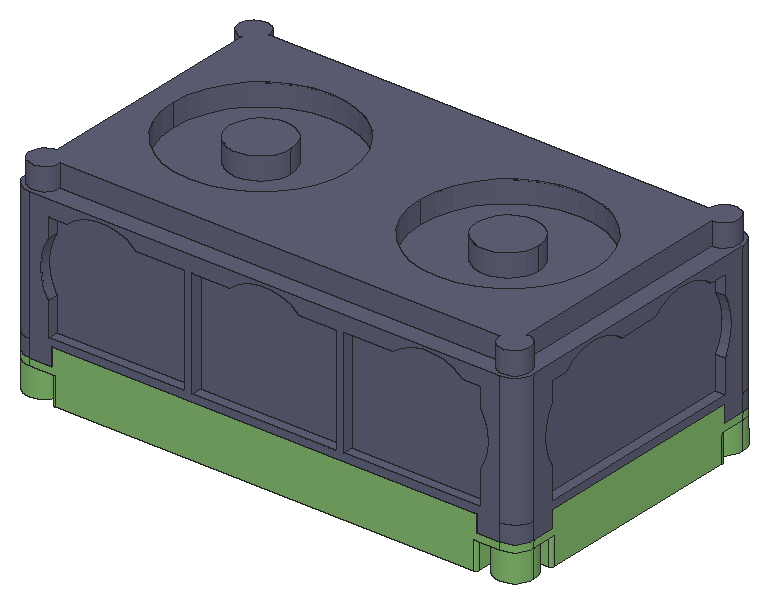
Revit family "E_Cable Junction Box_F_MEPcontent_Spelsberg_BS 2_INT-EN", category Electrical Fixtures, host Face, Revit 2017
Family settings
  Host = Face
  Maintain Annotation Orientation = Yes
  Round Connector Dimension = Use Diameter
  Part Type = Junction Box
  OmniClass Number = 23.80.30.14.24
  OmniClass Title = Junction Boxes
  Cut with Voids When Loaded = No
  Shared = No
  Room Calculation Point = No
Parameters (values of type "BS 2")
  Width = 86.000 mm
  Voltage = 230 V  # constant formula
  URL = ""
  Rotation W-Axis Total [instance] = [Rotation W-Axis Correction] + [Rotation W-Axis]  # 0.00°
  Rotation W-Axis Default Correction = 0.00°
  Rotation W-Axis Correction = 0.00°
  Rotation W-Axis [instance] = 0.00°
  Rotation V-Axis Total [instance] = [Rotation V-Axis Correction] + [Rotation V-Axis]  # 0.00°
  Rotation V-Axis Default Correction = 0.00°
  Rotation V-Axis Correction = 0.00°
  Rotation V-Axis [instance] = 0.00°
  Rotation U-Axis Total [instance] = [Rotation U-Axis Correction] + [Rotation U-Axis]  # 0.00°
  Rotation U-Axis Default Correction = 0.00°
  Rotation U-Axis Correction = 0.00°
  Rotation U-Axis [instance] = 0.00°
  Revit Version = "2017"  # constant formula
  Product Line = "Spelsberg"  # constant formula
  Power [instance] = 0 VA
  Placeholder Height = 59.100 mm
  Model = "BS 2"
  Manufacturer URL = "http://www.spelsberg.com/p/97400201"
  Manufacturer Art. No. = "97400201"
  Manufacturer = "Spelsberg"  # constant formula
  Length = 146.000 mm
  IFCExportType = "NOTDEFINED"  # constant formula
  IFCExportAs = "IfcJunctionBox"  # constant formula
  Height = 59.100 mm
  Green = Color RAL 6018
  ETIM Article Class = "EC002601"  # constant formula
  Description = "Equipment installation box BS 2"  # constant formula
  Default Elevation = 0.000 mm
  Cable Opening Diameter [instance] = 32.000 mm
  Cap Offset [instance] = 0.000 mm
  Blue = Color RAL 5013
  Article Type = "BS 2"
  Article Description = "Equipment installation box BS 2"  # constant formula
  3D Representation = 3DGeometry : 3DGeometry
Reference planes
  plane 1 "Center (Front/Back)": y = 0
  plane 2: z = 0
  plane 3 "Center (Left/Right)": x = 0
  plane 4: z = 24.5
  plane 5: x = -16
  plane 6: x = 16
  plane 7: y = 16
  plane 8: y = -16
  plane 9: y = -40
  plane 10: y = 40
  plane 11: x = -40
  plane 12: x = 40
Dimensions and locks
  locked: plane 4 to plane 2 at 24.5
  locked: plane 3 "Center (Left/Right)" to plane 5 at 16
  locked: plane 6 to plane 3 "Center (Left/Right)" at 16
  locked: plane 7 to plane 1 "Center (Front/Back)" at 16
  locked: plane 1 "Center (Front/Back)" to plane 8 at 16
  equal spacing: plane 11, plane 3 "Center (Left/Right)", plane 12
  equal spacing: plane 10, plane 1 "Center (Front/Back)", plane 9
  aligned and locked: plane 2 to host face
  aligned and locked: level to host face
Automatic sketch dimensions
  host sketch curve to host sketch curve = 2438.400 mm  (x2)
Nested families
  nested 1: "GeometryPlaceholder" at (0, 0, 0) x (1, 0, 0) z (0, 0, -1), Rotation v-axis <- "Rotation V-Axis Total", Rotation w-axis <- "Rotation W-Axis Total", Rotation u-axis <- "Rotation U-Axis Total", Height <- "Placeholder Height", type "GeometryPlaceholder", not visible
    with Width 10.000 mm, Rotation w-axis 0.00°, Rotation v-axis 0.00°, Rotation u-axis 0.00°, ModelBaseAngle 0.00°, Length 10.000 mm, Height 59.100 mm
  nested 2: "3DGeometry" at (0, 0, 0) x (1, 0, 0) z (0, 0, -1), Cap Offset <- "Cap Offset", type <- "3D Representation", type "3DGeometry"
    with Cap Offset Safe 0.000 mm, Cap Offset 0.000 mm, Cable Opening Diameter 32.000 mm
Connectors
  cabletrayconduit at (-46, -40, -24.5), diameter 32, driven by "Cable Opening Diameter"
    settings: on nested 2, index 1, connector width 300.000 mm, connector height 300.000 mm, connector angle 0.00°, system type 32, placement type 0, profile type 0, connector reference index -1, is primary connector yes, connector utility param no, connector description "Conduit Individual Connector1"
  cabletrayconduit at (0, -40, -24.5), diameter 32, driven by "Cable Opening Diameter"
    settings: on nested 2, index 2, connector width 300.000 mm, connector height 300.000 mm, connector angle 0.00°, system type 32, placement type 0, profile type 0, connector reference index -1, is primary connector no, connector utility param no, connector description "Conduit Individual Connector2"
  cabletrayconduit at (46, -40, -24.5), diameter 32, driven by "Cable Opening Diameter"
    settings: on nested 2, index 3, connector width 300.000 mm, connector height 300.000 mm, connector angle 0.00°, system type 32, placement type 0, profile type 0, connector reference index -1, is primary connector no, connector utility param no, connector description "Conduit Individual Connector3"
  cabletrayconduit at (70, -16, -24.5), diameter 32, driven by "Cable Opening Diameter"
    settings: on nested 2, index 4, connector width 300.000 mm, connector height 300.000 mm, connector angle 0.00°, system type 32, placement type 0, profile type 0, connector reference index -1, is primary connector no, connector utility param no, connector description "Conduit Individual Connector4"
  cabletrayconduit at (70, 16, -24.5), diameter 32, driven by "Cable Opening Diameter"
    settings: on nested 2, index 5, connector width 300.000 mm, connector height 300.000 mm, connector angle 0.00°, system type 32, placement type 0, profile type 0, connector reference index -1, is primary connector no, connector utility param no, connector description "Conduit Individual Connector5"
  cabletrayconduit at (46, 40, -24.5), diameter 32, driven by "Cable Opening Diameter"
    settings: on nested 2, index 6, connector width 300.000 mm, connector height 300.000 mm, connector angle 0.00°, system type 32, placement type 0, profile type 0, connector reference index -1, is primary connector no, connector utility param no, connector description "Conduit Individual Connector6"
  cabletrayconduit at (0, 40, -24.5), diameter 32, driven by "Cable Opening Diameter"
    settings: on nested 2, index 7, connector width 300.000 mm, connector height 300.000 mm, connector angle 0.00°, system type 32, placement type 0, profile type 0, connector reference index -1, is primary connector no, connector utility param no, connector description "Conduit Individual Connector7"
  cabletrayconduit at (-46, 40, -24.5), diameter 32, driven by "Cable Opening Diameter"
    settings: on nested 2, index 8, connector width 300.000 mm, connector height 300.000 mm, connector angle 0.00°, system type 32, placement type 0, profile type 0, connector reference index -1, is primary connector no, connector utility param no, connector description "Conduit Individual Connector8"
  cabletrayconduit at (-70, 16, -24.5), diameter 32, driven by "Cable Opening Diameter"
    settings: on nested 2, index 9, connector width 300.000 mm, connector height 300.000 mm, connector angle 0.00°, system type 32, placement type 0, profile type 0, connector reference index -1, is primary connector no, connector utility param no, connector description "Conduit Individual Connector9"
  cabletrayconduit at (-70, -16, -24.5), diameter 32, driven by "Cable Opening Diameter"
    settings: on nested 2, index 10, connector width 300.000 mm, connector height 300.000 mm, connector angle 0.00°, system type 32, placement type 0, profile type 0, connector reference index -1, is primary connector no, connector utility param no, connector description "Conduit Individual Connector10"
Definition of nested family "3DGeometry"
  Parameters (values of type "3DGeometry")
    Width = 86.000 mm
    Length = 146.000 mm
    Height = 59.100 mm
    Cap Offset Safe [instance] = if(Cap Offset < 0.000 mm, 0.000 mm, Cap Offset)  # 25.000 mm
    Cap Offset [instance] = 25.000 mm
    Blue = none
    Type Comments = "﻿﻿ ﻿ ﻿﻿﻿﻿﻿﻿             ﻿     ﻿                ﻿  ﻿  ﻿​     ​​  ​​   ​​   ﻿﻿     ​      ​​  ​​      ﻿    ﻿﻿        ﻿ ﻿          ﻿﻿"
    Keynote = "﻿﻿ ﻿ ﻿﻿﻿﻿﻿﻿             ﻿     ﻿                ﻿  ﻿  ﻿​     ​​  ​​   ​​   ﻿﻿     ​      ​​  ​​      ﻿    ﻿﻿        ﻿ ﻿          ﻿﻿"
    Green = none
    Cable Opening Diameter [instance] = 32.000 mm
    Description = "﻿﻿ ﻿ ﻿﻿﻿﻿﻿﻿             ﻿     ﻿                ﻿  ﻿  ﻿​     ​​  ​​   ​​   ﻿﻿     ​      ​​  ​​      ﻿    ﻿﻿        ﻿ ﻿          ﻿﻿"
    Default Elevation = 0.000 mm
    Assembly Code = "﻿﻿ ﻿ ﻿﻿﻿﻿﻿﻿             ﻿     ﻿                ﻿  ﻿  ﻿​     ​​  ​​   ​​   ﻿﻿     ​      ​​  ​​      ﻿    ﻿﻿        ﻿ ﻿          ﻿﻿"
  Reference planes
    plane 1 "Center (Front/Back)": y = 0
    plane 2: z = 0
    plane 3 "Center (Left/Right)": x = 0
    plane 4 "width back": y = 43
    plane 5 "width front": y = -43
    plane 6: z = 59.1
    plane 7 "connectors": z = 24.5
    plane 8 "lid": z = 69.1
    plane 9 "top box": z = 74.1
    plane 10: y = 16
    plane 11: y = -16
    plane 12: z = 76.1
    plane 13 "length left": x = -73
    plane 14 "length right": x = 73
    plane 15: x = -46
    plane 16: x = 46
    plane 17 "offset": z = 84.1
    plane 18 "fixed": z = 44.1
    plane 19: z = 49.1
    plane 20: z = 51.1
  Forms (mm)
    Extrusion 1, solid
      sketch origin (0, 0, 0) x (1, 0, 0) y (0, 1, 0)
        loop
          line (-1219.2, 1219.2) -> (-1219.2, -1219.2) -> (1219.2, -1219.2) -> (1219.2, 1219.2) -> (-1219.2, 1219.2)
      from 0 to -304.8
    Extrusion 2, solid, material <- "Blue", detail levels fine
      sketch origin (0, 0, 0) x (1, 0, 0) y (0, 1, 0)
        loop
          arc (-67.5, 43) -> (-71.389, 41.389) -> (-73, 37.5) r 5.5
          line (-73, 37.5) -> (-73, -37.5)
          arc (-73, -37.5) -> (-71.389, -41.389) -> (-67.5, -43) r 5.5
          line (-67.5, -43) -> (67.5, -43)
          arc (67.5, -43) -> (71.389, -41.389) -> (73, -37.5) r 5.5
          line (73, -37.5) -> (73, 37.5)
          arc (73, 37.5) -> (71.389, 41.389) -> (67.5, 43) r 5.5
          line (67.5, 43) -> (-67.5, 43)
      from 0 to 44.1
    Extrusion 3, void
      sketch origin (0, 0, 0) x (1, 0, 0) y (0, 0, 1)
        loop
          line (-62, 42) -> (-62, 32.5)
          arc (-62, 32.5) -> (-64.311, 24.5) -> (-62, 16.5) r 15
          line (-62, 16.5) -> (-62, 10.82) -> (-56.811, 10.82)
          arc (-56.811, 10.82) -> (-46.811, 7) -> (-36.811, 10.82) r 15
          line (-36.811, 10.82) -> (-22.75, 10.82) -> (-22.75, 42) -> (-62, 42)
        loop
          arc (36.811, 10.82) -> (46.811, 7) -> (56.811, 10.82) r 15
          line (56.811, 10.82) -> (62, 10.82) -> (62, 16.5)
          arc (62, 16.5) -> (64.311, 24.5) -> (62, 32.5) r 15
          line (62, 32.5) -> (62, 42) -> (22.75, 42) -> (22.75, 10.82) -> (36.811, 10.82)
        loop
          line (-20.75, 42) -> (-20.75, 10.82) -> (-10, 10.82)
          arc (-10, 10.82) -> (0, 7) -> (10, 10.82) r 15
          line (10, 10.82) -> (20.75, 10.82) -> (20.75, 42) -> (-20.75, 42)
      from 40 to 43
    Extrusion 4, void
      sketch origin (0, 0, 0) x (1, 0, 0) y (0, 0, -1)
        loop
          line (-62, -42) -> (-22.75, -42) -> (-22.75, -10.82) -> (-36.811, -10.82)
          arc (-36.811, -10.82) -> (-46.811, -7) -> (-56.811, -10.82) r 15
          line (-56.811, -10.82) -> (-62, -10.82) -> (-62, -16.5)
          arc (-62, -16.5) -> (-64.311, -24.5) -> (-62, -32.5) r 15
          line (-62, -32.5) -> (-62, -42)
        loop
          line (36.811, -10.82) -> (22.75, -10.82) -> (22.75, -42) -> (62, -42) -> (62, -32.5)
          arc (62, -32.5) -> (64.311, -24.5) -> (62, -16.5) r 15
          line (62, -16.5) -> (62, -10.82) -> (56.811, -10.82)
          arc (56.811, -10.82) -> (46.811, -7) -> (36.811, -10.82) r 15
        loop
          line (-20.75, -42) -> (20.75, -42) -> (20.75, -10.82) -> (10, -10.82)
          arc (10, -10.82) -> (0, -7) -> (-10, -10.82) r 15
          line (-10, -10.82) -> (-20.75, -10.82) -> (-20.75, -42)
      from 40 to 43
    Extrusion 5, void
      sketch origin (0, 0, 0) x (0, 1, 0) y (0, 0, 1)
        loop
          line (31.189, 42) -> (-31.189, 42) -> (-31.189, 32.5)
          arc (-31.189, 32.5) -> (-33.5, 24.5) -> (-31.189, 16.5) r 15
          line (-31.189, 16.5) -> (-31.189, 10.82) -> (-26, 10.82)
          arc (-26, 10.82) -> (-16, 7) -> (-6, 10.82) r 15
          line (-6, 10.82) -> (6, 10.82)
          arc (6, 10.82) -> (16, 7) -> (26, 10.82) r 15
          line (26, 10.82) -> (31.189, 10.82) -> (31.189, 16.5)
          arc (31.189, 16.5) -> (33.5, 24.5) -> (31.189, 32.5) r 15
          line (31.189, 32.5) -> (31.189, 42)
      from 70 to 73
    Extrusion 6, void
      sketch origin (0, 0, 0) x (0, 1, 0) y (0, 0, -1)
        loop
          line (31.189, -42) -> (31.189, -32.5)
          arc (31.189, -32.5) -> (33.5, -24.5) -> (31.189, -16.5) r 15
          line (31.189, -16.5) -> (31.189, -10.82) -> (26, -10.82)
          arc (26, -10.82) -> (16, -7) -> (6, -10.82) r 15
          line (6, -10.82) -> (-6, -10.82)
          arc (-6, -10.82) -> (-16, -7) -> (-26, -10.82) r 15
          line (-26, -10.82) -> (-31.189, -10.82) -> (-31.189, -16.5)
          arc (-31.189, -16.5) -> (-33.5, -24.5) -> (-31.189, -32.5) r 15
          line (-31.189, -32.5) -> (-31.189, -42) -> (31.189, -42)
      from 70 to 73
    Extrusion 7, solid, material <- "Green", detail levels fine
      sketch origin (0, 0, 0) x (1, 0, 0) y (0, 1, 0)
        loop
          arc (-67.5, 43) -> (-71.389, 41.389) -> (-73, 37.5) r 5.5
          line (-73, 37.5) -> (-73, -37.5)
          arc (-73, -37.5) -> (-71.389, -41.389) -> (-67.5, -43) r 5.5
          line (-67.5, -43) -> (67.5, -43)
          arc (67.5, -43) -> (71.389, -41.389) -> (73, -37.5) r 5.5
          line (73, -37.5) -> (73, 37.5)
          arc (73, 37.5) -> (71.389, 41.389) -> (67.5, 43) r 5.5
          line (67.5, 43) -> (-67.5, 43)
      from 69.1 to 76.1
    Extrusion 8, void
      sketch origin (0, 0, 0) x (1, 0, 0) y (0, 1, 0)
        loop
          line (-63.25, -37.5) -> (63.25, -37.5)
          arc (63.25, -37.5) -> (70.505, -40.505) -> (67.5, -33.25) r 4.25
          line (67.5, -33.25) -> (67.5, 33.25)
          arc (67.5, 33.25) -> (70.505, 40.505) -> (63.25, 37.5) r 4.25
          line (63.25, 37.5) -> (-63.25, 37.5)
          arc (-63.25, 37.5) -> (-70.505, 40.505) -> (-67.5, 33.25) r 4.25
          line (-67.5, 33.25) -> (-67.5, -33.25)
          arc (-67.5, -33.25) -> (-70.505, -40.505) -> (-63.25, -37.5) r 4.25
        loop
          line (-78, 48) -> (-78, -48) -> (78, -48) -> (78, 48) -> (-78, 48)
        loop
          circle (-35.5, 0) r 25.25
        loop
          circle (-35.5, 0) r 8.75
        loop
          circle (35.5, 0) r 25.25
        loop
          circle (35.5, 0) r 8.75
      from 0 to 6.372
    Extrusion 9, void
      sketch origin (0, 0, 0) x (1, 0, 0) y (0, 1, 0)
        loop
          line (-76, 46) -> (-76, 31) -> (-66, 31)
          arc (-66, 31) -> (-62.464, 32.464) -> (-61, 36) r 5
          line (-61, 36) -> (-61, 46) -> (-76, 46)
        loop
          line (76, 46) -> (61, 46) -> (61, 36)
          arc (61, 36) -> (62.464, 32.464) -> (66, 31) r 5
          line (66, 31) -> (76, 31) -> (76, 46)
        loop
          line (-76, -46) -> (-61, -46) -> (-61, -36)
          arc (-61, -36) -> (-62.464, -32.464) -> (-66, -31) r 5
          line (-66, -31) -> (-76, -31) -> (-76, -46)
        loop
          line (76, -46) -> (76, -31) -> (66, -31)
          arc (66, -31) -> (62.464, -32.464) -> (61, -36) r 5
          line (61, -36) -> (61, -46) -> (76, -46)
      from 69.1 to 74.1
    Extrusion 10, solid, material <- "Blue", detail levels fine
      sketch origin (0, 0, 0) x (1, 0, 0) y (0, 1, 0)
        loop
          arc (-67.5, 43) -> (-71.389, 41.389) -> (-73, 37.5) r 5.5
          line (-73, 37.5) -> (-73, 31) -> (-66, 31)
          arc (-66, 31) -> (-62.464, 32.464) -> (-61, 36) r 5
          line (-61, 36) -> (-61, 43) -> (-67.5, 43)
        loop
          line (67.5, 43) -> (61, 43) -> (61, 36)
          arc (61, 36) -> (62.464, 32.464) -> (66, 31) r 5
          line (66, 31) -> (73, 31) -> (73, 37.5)
          arc (73, 37.5) -> (71.389, 41.389) -> (67.5, 43) r 5.5
        loop
          line (-67.5, -43) -> (-61, -43) -> (-61, -36)
          arc (-61, -36) -> (-62.464, -32.464) -> (-66, -31) r 5
          line (-66, -31) -> (-73, -31) -> (-73, -37.5)
          arc (-73, -37.5) -> (-71.389, -41.389) -> (-67.5, -43) r 5.5
        loop
          arc (67.5, -43) -> (71.389, -41.389) -> (73, -37.5) r 5.5
          line (73, -37.5) -> (73, -31) -> (66, -31)
          arc (66, -31) -> (62.464, -32.464) -> (61, -36) r 5
          line (61, -36) -> (61, -43) -> (67.5, -43)
      from 44.1 to 49.1
    Extrusion 11, solid, material <- "Green", detail levels fine
      sketch origin (0, 0, 0) x (1, 0, 0) y (0, 1, 0)
        loop
          arc (-60, 43) -> (-60.707, 42.707) -> (-61, 42) r 1
          line (-61, 42) -> (-61, 36)
          arc (-61, 36) -> (-62.464, 32.464) -> (-66, 31) r 5
          line (-66, 31) -> (-72, 31)
          arc (-72, 31) -> (-72.707, 30.707) -> (-73, 30) r 1
          line (-73, 30) -> (-73, -30)
          arc (-73, -30) -> (-72.707, -30.707) -> (-72, -31) r 1
          line (-72, -31) -> (-66, -31)
          arc (-66, -31) -> (-62.464, -32.464) -> (-61, -36) r 5
          line (-61, -36) -> (-61, -42)
          arc (-61, -42) -> (-60.707, -42.707) -> (-60, -43) r 1
          line (-60, -43) -> (60, -43)
          arc (60, -43) -> (60.707, -42.707) -> (61, -42) r 1
          line (61, -42) -> (61, -36)
          arc (61, -36) -> (62.464, -32.464) -> (66, -31) r 5
          line (66, -31) -> (72, -31)
          arc (72, -31) -> (72.707, -30.707) -> (73, -30) r 1
          line (73, -30) -> (73, 30)
          arc (73, 30) -> (72.707, 30.707) -> (72, 31) r 1
          line (72, 31) -> (66, 31)
          arc (66, 31) -> (62.464, 32.464) -> (61, 36) r 5
          line (61, 36) -> (61, 42)
          arc (61, 42) -> (60.707, 42.707) -> (60, 43) r 1
          line (60, 43) -> (-60, 43)
        loop
          circle (-67.5, 37.5) r 4.25
        loop
          circle (-67.5, 37.5) r 5.5
        loop
          circle (67.5, 37.5) r 4.25
        loop
          circle (67.5, 37.5) r 5.5
        loop
          circle (-67.5, -37.5) r 4.25
        loop
          circle (-67.5, -37.5) r 5.5
        loop
          circle (67.5, -37.5) r 4.25
        loop
          circle (67.5, -37.5) r 5.5
        loop
          circle (0, 0) r 12.5
        loop
          circle (-51, 21) r 4
      from 76.1 to 84.1
    Extrusion 12, solid, not visible, detail levels coarse+medium
      sketch origin (0, 0, 0) x (1, 0, 0) y (0, 0, 1)
        loop
          circle (-46, 24.5) r 5
        loop
          circle (46, 24.5) r 5
        loop
          circle (0, 24.5) r 5
      from 37.5 to 40
    Extrusion 13, solid, not visible, detail levels coarse+medium
      sketch origin (0, 0, 0) x (1, 0, 0) y (0, 0, 1)
        loop
          circle (-46, 24.5) r 5
        loop
          circle (46, 24.5) r 5
        loop
          circle (0, 24.5) r 5
      from -40 to -37.5
    Extrusion 14, solid, not visible, detail levels coarse+medium
      sketch origin (0, 0, 0) x (0, 1, 0) y (0, 0, 1)
        loop
          circle (16, 24.5) r 5
        loop
          circle (-16, 24.5) r 5
      from -70 to -67.5
    Extrusion 15, solid, not visible, detail levels coarse+medium
      sketch origin (0, 0, 0) x (0, 1, 0) y (0, 0, 1)
        loop
          circle (16, 24.5) r 5
        loop
          circle (-16, 24.5) r 5
      from 67.5 to 70
    Extrusion 16, solid, detail levels coarse+medium
      sketch origin (0, 0, 0) x (1, 0, 0) y (0, 1, 0)
        loop
          arc (-67.5, 43) -> (-71.389, 41.389) -> (-73, 37.5) r 5.5
          line (-73, 37.5) -> (-73, -37.5)
          arc (-73, -37.5) -> (-71.389, -41.389) -> (-67.5, -43) r 5.5
          line (-67.5, -43) -> (67.5, -43)
          arc (67.5, -43) -> (71.389, -41.389) -> (73, -37.5) r 5.5
          line (73, -37.5) -> (73, 37.5)
          arc (73, 37.5) -> (71.389, 41.389) -> (67.5, 43) r 5.5
          line (67.5, 43) -> (-67.5, 43)
      from 0 to 44.1
    Extrusion 17, solid, detail levels coarse+medium
      sketch origin (0, 0, 0) x (1, 0, 0) y (0, 1, 0)
        loop
          arc (-67.5, 43) -> (-71.389, 41.389) -> (-73, 37.5) r 5.5
          line (-73, 37.5) -> (-73, -37.5)
          arc (-73, -37.5) -> (-71.389, -41.389) -> (-67.5, -43) r 5.5
          line (-67.5, -43) -> (67.5, -43)
          arc (67.5, -43) -> (71.389, -41.389) -> (73, -37.5) r 5.5
          line (73, -37.5) -> (73, 37.5)
          arc (73, 37.5) -> (71.389, 41.389) -> (67.5, 43) r 5.5
          line (67.5, 43) -> (-67.5, 43)
      from 69.1 to 84.1
  Cuts and joins
    Extrusion 3, Extrusion 4, Extrusion 5, Extrusion 6, Extrusion 8 cuts Extrusion 2
    Extrusion 5 cuts Extrusion 10
    joined: Extrusion 2, Extrusion 10
    Extrusion 9 cuts Extrusion 7
    joined: Extrusion 7, Extrusion 11
    Extrusion 3, Extrusion 4, Extrusion 5, Extrusion 6, Extrusion 8 cuts Extrusion 16
  Dimensions and locks
    equal spacing: plane 4 "width back", plane 1 "Center (Front/Back)", plane 5 "width front"
    plane 7 "connectors" to plane 2 = 24.500 mm
    "Width": plane 4 "width back" to plane 5 "width front"
    "Height": plane 6 to plane 2
    locked: plane 9 "top box" to plane 8 "lid" at 5
    Extrusion 8 sketch curve to plane 3 "Center (Left/Right)" = 67.500 mm
    plane 1 "Center (Front/Back)" to Extrusion 8 sketch curve = 37.500 mm
    plane 5 "width front" to Extrusion 8 sketch curve = 5.000 mm
    Extrusion 8 sketch curve to plane 4 "width back" = 5.000 mm
    Extrusion 3 sketch curve to plane 3 "Center (Left/Right)" = 62.000 mm
    equal spacing: Extrusion 5 sketch curve, plane 1 "Center (Front/Back)", Extrusion 5 sketch curve  (x2)
    equal spacing: Extrusion 6 sketch curve, plane 1 "Center (Front/Back)", Extrusion 6 sketch curve  (x2)
    plane 4 "width back" to Extrusion 9 sketch curve = 12.000 mm
    Extrusion 6 sketch curve to plane 1 "Center (Front/Back)" = 16.000 mm
    plane 1 "Center (Front/Back)" to Extrusion 6 sketch curve = 16.000 mm
    Extrusion 5 sketch curve to plane 1 "Center (Front/Back)" = 16.000 mm
    plane 1 "Center (Front/Back)" to Extrusion 5 sketch curve = 16.000 mm
    plane 10 to plane 1 "Center (Front/Back)" to plane 11 = 16.000 mm, 16.000 mm
    locked: plane 12 to plane 9 "top box" at 2
    Extrusion 11 sketch curve to Extrusion 11 sketch curve = 135.000 mm
    Extrusion 11 sketch curve to plane 3 "Center (Left/Right)" = 51.000 mm
    Extrusion 8 sketch curve to Extrusion 8 sketch curve = 71.000 mm
    equal spacing: Extrusion 8 sketch curve, plane 3 "Center (Left/Right)", Extrusion 8 sketch curve
    "Length": plane 13 "length left" to plane 14 "length right"
    equal spacing: plane 13 "length left", plane 3 "Center (Left/Right)", plane 14 "length right"
    plane 3 "Center (Left/Right)" to Extrusion 3 sketch curve = 62.000 mm
    plane 3 "Center (Left/Right)" to plane 15 = 46.000 mm
    plane 16 to plane 3 "Center (Left/Right)" = 46.000 mm
    "Cap Offset Safe": plane 17 "offset" to plane 6
    locked: plane 17 "offset" to plane 8 "lid" at 15
    locked: plane 19 to plane 18 "fixed" at 5
    locked: plane 20 to plane 19 at 2
    locked: plane 18 "fixed" to Extrusion 3 sketch curve at 2.1  (x3)
    locked: plane 18 "fixed" to Extrusion 4 sketch curve at 2.1  (x3)
    locked: plane 18 "fixed" to Extrusion 5 sketch curve at 2.1
    locked: plane 18 "fixed" to Extrusion 6 sketch curve at 2.1
    radius of Extrusion 3 sketch curve = 15.000 mm  (x4)
    radius of Extrusion 5 sketch curve = 15.000 mm  (x4)
    radius of Extrusion 6 sketch curve = 15.000 mm  (x4)
    diameter of Extrusion 8 sketch curve = 50.500 mm
    diameter of Extrusion 8 sketch curve = 17.500 mm
    radius of Extrusion 4 sketch curve = 15.000 mm  (x4)
    aligned and locked: plane 2 to Extrusion 1
    aligned and locked: level to Extrusion 1
    aligned and locked: Extrusion 2 sketch curve to plane 4 "width back"
    aligned and locked: plane 5 "width front" to Extrusion 2 sketch curve
    aligned and locked: Extrusion 2 to level
    aligned and locked: Extrusion 7 to plane 8 "lid"
    aligned and locked: Extrusion 9 to plane 8 "lid"
    aligned and locked: Extrusion 9 to plane 9 "top box"
    aligned and locked: cut or joined group of Extrusion 7, Extrusion 9, Extrusion 11 to plane 12
    aligned and locked: Extrusion 11 to plane 12
    aligned and locked: plane 7 "connectors" to Extrusion 12 sketch curve  (x3)
    aligned and locked: plane 7 "connectors" to Extrusion 13 sketch curve  (x3)
    aligned and locked: plane 10 to Extrusion 14 sketch curve
    aligned and locked: plane 7 "connectors" to Extrusion 14 sketch curve  (x2)
    aligned and locked: plane 11 to Extrusion 14 sketch curve
    aligned and locked: plane 10 to Extrusion 15 sketch curve
    aligned and locked: plane 7 "connectors" to Extrusion 15 sketch curve  (x2)
    aligned and locked: plane 11 to Extrusion 15 sketch curve
    aligned and locked: Extrusion 16 to plane 2
    aligned and locked: plane 15 to Extrusion 12 sketch curve
    aligned and locked: plane 16 to Extrusion 12 sketch curve
    aligned and locked: plane 3 "Center (Left/Right)" to Extrusion 12 sketch curve
    aligned and locked: plane 15 to Extrusion 13 sketch curve
    aligned and locked: plane 16 to Extrusion 13 sketch curve
    aligned and locked: plane 3 "Center (Left/Right)" to Extrusion 13 sketch curve
    aligned and locked: cut or joined group of Extrusion 7, Extrusion 9, Extrusion 11 to plane 17 "offset"
    aligned and locked: plane 18 "fixed" to Extrusion 2
    aligned and locked: plane 18 "fixed" to cut or joined group of Extrusion 3, Extrusion 4, Extrusion 5, Extrusion 6, Extrusion 8, Extrusion 16
    aligned and locked: plane 19 to cut or joined group of Extrusion 2, Extrusion 3, Extrusion 4, Extrusion 5, Extrusion 6, Extrusion 8, Extrusion 10
    aligned and locked: Extrusion 17 to plane 8 "lid"
    aligned and locked: Extrusion 17 to plane 17 "offset"
  Automatic sketch dimensions
    Extrusion 1 sketch curve to Extrusion 1 sketch curve = 2438.400 mm  (x2)
    Extrusion 5 sketch curve to plane 7 "connectors" = 0.000 mm  (x2)
    plane 11 to Extrusion 5 sketch curve = 2.500 mm
    plane 11 to Extrusion 5 sketch curve = 10.000 mm
    Extrusion 5 sketch curve to Extrusion 5 sketch curve = 5.189 mm  (x2)
    plane 7 "connectors" to Extrusion 5 sketch curve = 8.000 mm
    plane 1 "Center (Front/Back)" to Extrusion 5 sketch curve = 6.000 mm
    Extrusion 5 sketch curve to plane 10 = 2.500 mm
    level to Extrusion 5 sketch curve = 10.820 mm
    Extrusion 6 sketch curve to plane 7 "connectors" = 0.000 mm  (x2)
    plane 11 to Extrusion 6 sketch curve = 2.500 mm
    plane 11 to Extrusion 6 sketch curve = 10.000 mm
    Extrusion 6 sketch curve to Extrusion 6 sketch curve = 5.189 mm  (x2)
    plane 7 "connectors" to Extrusion 6 sketch curve = 8.000 mm
    plane 1 "Center (Front/Back)" to Extrusion 6 sketch curve = 6.000 mm
    Extrusion 6 sketch curve to plane 10 = 2.500 mm
    Extrusion 7 sketch curve to plane 5 "width front" = 0.000 mm
    Extrusion 7 sketch curve to plane 4 "width back" = 0.000 mm
    Extrusion 10 sketch curve to plane 4 "width back" = 0.000 mm  (x2)
    Extrusion 10 sketch curve to plane 5 "width front" = 0.000 mm  (x2)
    Extrusion 10 sketch curve to Extrusion 10 sketch curve = 1.500 mm  (x5)
    Extrusion 10 sketch curve to Extrusion 10 sketch curve = 6.500 mm  (x5)
    Extrusion 8 sketch curve to Extrusion 8 sketch curve = 0.000 mm  (x4)
    plane 1 "Center (Front/Back)" to Extrusion 8 sketch curve = 0.000 mm  (x2)
    Extrusion 8 sketch curve to Extrusion 8 sketch curve = 4.250 mm  (x3)
    Extrusion 8 sketch curve to Extrusion 8 sketch curve = 14.750 mm  (x2)
    Extrusion 16 sketch curve to plane 5 "width front" = 0.000 mm
    Extrusion 16 sketch curve to plane 4 "width back" = 0.000 mm
    Extrusion 9 sketch curve to Extrusion 9 sketch curve = 5.000 mm  (x4)
    plane 4 "width back" to Extrusion 9 sketch curve = 3.000 mm  (x2)
    Extrusion 9 sketch curve to plane 5 "width front" = 3.000 mm  (x2)
    Extrusion 9 sketch curve to Extrusion 9 sketch curve = 10.000 mm  (x4)
    Extrusion 8 sketch curve to Extrusion 8 sketch curve = 10.500 mm
    Extrusion 10 sketch curve to Extrusion 10 sketch curve = 7.000 mm  (x3)
    Extrusion 2 sketch curve to Extrusion 2 sketch curve = 5.500 mm  (x3)
    Extrusion 8 sketch curve to Extrusion 8 sketch curve = 27.750 mm
    Extrusion 10 sketch curve to Extrusion 10 sketch curve = 5.000 mm  (x2)
    Extrusion 7 sketch curve to Extrusion 7 sketch curve = 5.500 mm  (x3)
    plane 5 "width front" to Extrusion 8 sketch curve = 5.500 mm
    plane 5 "width front" to Extrusion 9 sketch curve = 7.000 mm  (x2)
    plane 5 "width front" to Extrusion 10 sketch curve = 5.500 mm
    Extrusion 16 sketch curve to Extrusion 16 sketch curve = 5.500 mm  (x3)
    Extrusion 7 sketch curve to plane 4 "width back" = 5.500 mm
    Extrusion 9 sketch curve to plane 4 "width back" = 12.000 mm
    Extrusion 3 sketch curve to plane 7 "connectors" = 0.000 mm  (x2)
    Extrusion 3 sketch curve to plane 3 "Center (Left/Right)" = 0.000 mm
    plane 13 "length left" to Extrusion 3 sketch curve = 11.000 mm
    Extrusion 3 sketch curve to Extrusion 3 sketch curve = 5.189 mm  (x2)
    Extrusion 3 sketch curve to Extrusion 3 sketch curve = 12.689 mm
    Extrusion 3 sketch curve to Extrusion 3 sketch curve = 2.500 mm  (x2)
    Extrusion 3 sketch curve to plane 7 "connectors" = 2.500 mm  (x2)
    level to Extrusion 3 sketch curve = 10.820 mm  (x2)
    Extrusion 3 sketch curve to plane 14 "length right" = 11.000 mm
    Extrusion 3 sketch curve to Extrusion 3 sketch curve = 2.000 mm  (x2)
    Extrusion 3 sketch curve to Extrusion 3 sketch curve = 10.000 mm
    Extrusion 3 sketch curve to Extrusion 3 sketch curve = 0.000 mm
    Extrusion 4 sketch curve to plane 7 "connectors" = 0.000 mm  (x2)
    Extrusion 4 sketch curve to plane 3 "Center (Left/Right)" = 0.000 mm
    Extrusion 4 sketch curve to Extrusion 4 sketch curve = 2.000 mm  (x2)
    Extrusion 4 sketch curve to Extrusion 4 sketch curve = 14.061 mm  (x2)
    Extrusion 4 sketch curve to Extrusion 4 sketch curve = 10.000 mm  (x2)
    Extrusion 4 sketch curve to Extrusion 4 sketch curve = 2.500 mm  (x2)
    level to Extrusion 4 sketch curve = 10.820 mm  (x2)
    Extrusion 4 sketch curve to Extrusion 4 sketch curve = 5.189 mm  (x2)
    plane 7 "connectors" to Extrusion 4 sketch curve = 8.000 mm
    Extrusion 4 sketch curve to plane 7 "connectors" = 2.500 mm  (x2)
    Extrusion 4 sketch curve to plane 14 "length right" = 11.000 mm
    Extrusion 4 sketch curve to Extrusion 4 sketch curve = 0.000 mm
    plane 13 "length left" to Extrusion 4 sketch curve = 11.000 mm  (x2)
    Extrusion 2 sketch curve to plane 13 "length left" = 0.000 mm
    Extrusion 3 sketch curve to plane 3 "Center (Left/Right)" = 22.750 mm
    Extrusion 3 sketch curve to plane 3 "Center (Left/Right)" = 10.000 mm
    Extrusion 4 sketch curve to plane 3 "Center (Left/Right)" = 10.000 mm
    Extrusion 7 sketch curve to plane 13 "length left" = 0.000 mm
    plane 13 "length left" to Extrusion 9 sketch curve = 12.000 mm  (x2)
    Extrusion 10 sketch curve to plane 13 "length left" = 0.000 mm  (x2)
    Extrusion 16 sketch curve to plane 13 "length left" = 0.000 mm
    Extrusion 2 sketch curve to plane 14 "length right" = 0.000 mm
    Extrusion 2 sketch curve to plane 14 "length right" = 5.500 mm
    plane 3 "Center (Left/Right)" to Extrusion 3 sketch curve = 10.000 mm
    Extrusion 3 sketch curve to Extrusion 3 sketch curve = 10.750 mm
    Extrusion 3 sketch curve to Extrusion 3 sketch curve = 14.061 mm
    plane 3 "Center (Left/Right)" to Extrusion 4 sketch curve = 10.000 mm
    Extrusion 4 sketch curve to Extrusion 4 sketch curve = 10.750 mm
    Extrusion 7 sketch curve to plane 14 "length right" = 0.000 mm
    Extrusion 9 sketch curve to plane 14 "length right" = 12.000 mm  (x2)
    Extrusion 10 sketch curve to plane 14 "length right" = 0.000 mm  (x2)
    Extrusion 16 sketch curve to plane 14 "length right" = 0.000 mm
    Extrusion 16 sketch curve to plane 14 "length right" = 5.500 mm
    plane 15 to Extrusion 3 sketch curve = 9.189 mm
    Extrusion 5 sketch curve to plane 1 "Center (Front/Back)" = 6.000 mm
    Extrusion 6 sketch curve to plane 1 "Center (Front/Back)" = 6.000 mm
    Extrusion 6 sketch curve to plane 7 "connectors" = 2.500 mm
    Extrusion 17 sketch curve to plane 13 "length left" = 0.000 mm
    Extrusion 17 sketch curve to plane 5 "width front" = 0.000 mm
    Extrusion 17 sketch curve to plane 4 "width back" = 0.000 mm
    Extrusion 17 sketch curve to plane 14 "length right" = 0.000 mm
    plane 5 "width front" to Extrusion 17 sketch curve = 5.500 mm
    plane 13 "length left" to Extrusion 17 sketch curve = 5.500 mm
    Extrusion 17 sketch curve to plane 4 "width back" = 5.500 mm
    Extrusion 17 sketch curve to plane 14 "length right" = 5.500 mm
    Extrusion 11 sketch curve to Extrusion 11 sketch curve = 0.000 mm  (x8)
    Extrusion 11 sketch curve to plane 13 "length left" = 0.000 mm
    Extrusion 11 sketch curve to plane 5 "width front" = 0.000 mm
    Extrusion 11 sketch curve to plane 4 "width back" = 0.000 mm
    Extrusion 11 sketch curve to plane 14 "length right" = 0.000 mm
    plane 13 "length left" to Extrusion 11 sketch curve = 1.000 mm  (x2)
    plane 13 "length left" to Extrusion 11 sketch curve = 5.500 mm  (x2)
    Extrusion 11 sketch curve to Extrusion 11 sketch curve = 1.500 mm  (x6)
    Extrusion 11 sketch curve to Extrusion 11 sketch curve = 6.000 mm  (x3)
    Extrusion 11 sketch curve to plane 4 "width back" = 1.000 mm  (x2)
    Extrusion 11 sketch curve to Extrusion 11 sketch curve = 5.000 mm  (x3)
    plane 5 "width front" to Extrusion 11 sketch curve = 1.000 mm
    Extrusion 11 sketch curve to Extrusion 11 sketch curve = 1.000 mm
    Extrusion 11 sketch curve to plane 14 "length right" = 1.000 mm  (x2)
    plane 5 "width front" to Extrusion 11 sketch curve = 5.500 mm  (x2)
    Extrusion 11 sketch curve to plane 10 = 5.000 mm
    Extrusion 11 sketch curve to plane 4 "width back" = 13.000 mm  (x2)
    Extrusion 11 sketch curve to plane 14 "length right" = 13.000 mm
    plane 1 "Center (Front/Back)" to Extrusion 11 sketch curve = 0.000 mm
    Extrusion 11 sketch curve to plane 3 "Center (Left/Right)" = 0.000 mm
    radius of Extrusion 14 sketch curve = 5.000 mm  (x2)
    radius of Extrusion 15 sketch curve = 5.000 mm  (x2)
    radius of Extrusion 8 sketch curve = 25.250 mm
    radius of Extrusion 8 sketch curve = 8.750 mm
    radius of Extrusion 12 sketch curve = 5.000 mm  (x3)
    radius of Extrusion 13 sketch curve = 5.000 mm  (x3)
    radius of Extrusion 11 sketch curve = 4.250 mm  (x4)
    radius of Extrusion 11 sketch curve = 5.500 mm  (x4)
    radius of Extrusion 11 sketch curve = 12.500 mm
    radius of Extrusion 11 sketch curve = 4.000 mm
